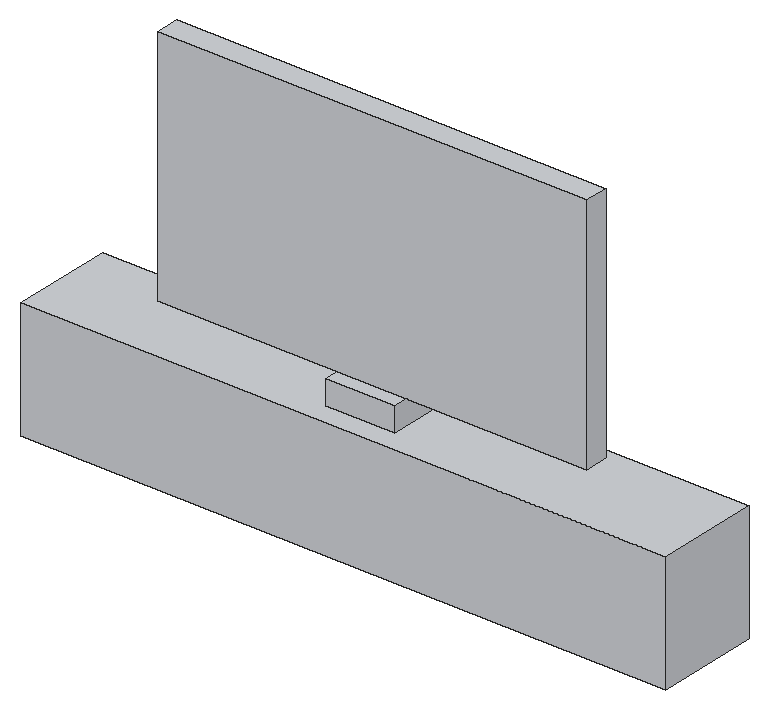
Revit family "TVStand", category 家具, Revit 2025
Family settings
  OmniClass 编号 = 23.40.20.00
  OmniClass 标题 = General Furniture and Specialties
  基于工作平面 = 否
  视图中启用分割 = 否
  总是垂直 = 是
  载入时剪切的空心 = 否
  渲染外观源 = 族几何图形
  共享 = 否
  房间计算点 = 否
Parameters
  默认高程 = 0 mm
Reference planes
  plane 1 "中心(前/后)": y = 0
  plane 2: z = 0
  plane 3 "中心(左/右)": x = 0
  plane 4: x = -1084
  plane 5: x = 1084
  plane 6: y = 173
  plane 7: y = -173
  plane 8: x = -720
  plane 9: x = 720
  plane 10: z = 480
  plane 11: z = 1290
  plane 12: x = -720
  plane 13: x = 720
Forms (mm)
  Extrusion 1, solid
    sketch origin (0, 0, 0) x (1, 0, 0) y (0, 1, 0)
      loop
        line (-1084, 173) -> (-1084, -173) -> (1084, -173) -> (1084, 173) -> (-1084, 173)
    from 0 to 400
  Extrusion 2, solid
    sketch origin (0, 0, 0) x (1, 0, 0) y (0, 0, 1)
      loop
        line (-117.948, 480) -> (-117.948, 400) -> (116.229, 400) -> (116.229, 480) -> (-117.948, 480)
    from 100 to -50
  Extrusion 3, solid
    sketch origin (0, 0, 0) x (1, 0, 0) y (0, 0, 1)
      loop
        line (-720, 1290) -> (-720, 480) -> (720, 480) -> (720, 1290) -> (-720, 1290)
    from 50 to -30
Dimensions and locks
  aligned and locked: level to plane 2
